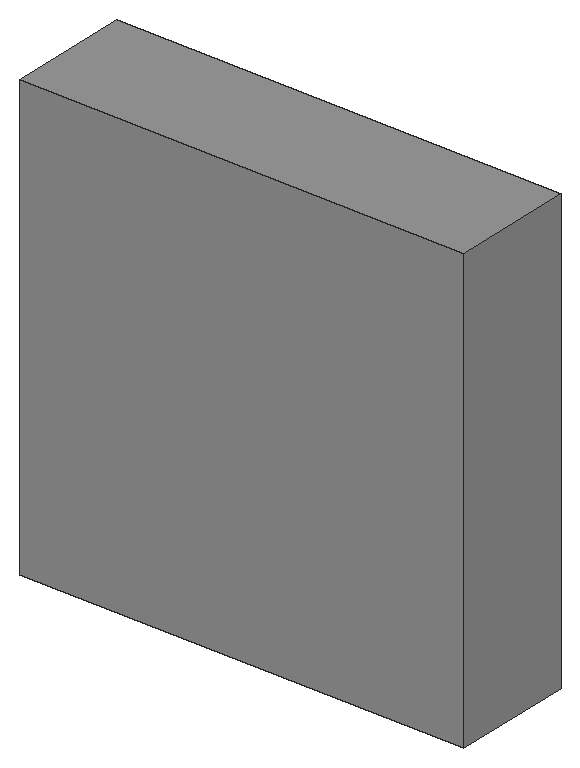
Revit family "SHG_Tuersprechstelle_V1700", category Sicherheitsgeräte, Revit 2017
Family settings
  Beschriftungsausrichtung beibehalten = Nein
  Bemaßung runder Anschluss = Durchmesser verwenden
  Teiletyp = Normal
  OmniClass-Nummer = 23.85.30.11
  OmniClass-Titel = Access Controls
  Arbeitsebenenbasiert = Nein
  Immer vertikal = Ja
  Beim Laden mit Abzugskörper schneiden = Ja
  Gemeinsam genutzt = Nein
  Raumberechnungspunkt = Nein
Parameters (values of type "Tuersprechstelle_Kamera_Klingel")
  pbr_Material_KZ = ""
  pbr_Material = none
  pbr_E_Typ = ""
  pbr_E_KZ = ""
  pbr_DINBild = 0
  pbr_Bild = 0
  pbr_3Dx_Delta_Korrekturversatz [instance] = 0 mm
  pbr_3DX_Versatzfaktor [instance] = 0
  pbr_2DY_Versatzfaktor [instance] = 0
  pbr_2DX_Versatzfaktor [instance] = 0
  lfd_STRK [instance] = 0
  cpiFitMatchKey [instance] = "E-ZK VS A"
  Zentrale [instance] = ""
  Türsprechstelle = yes
  Typ [instance] = ""
  Tiefe = 37 mm
  Text3 [instance] = ""
  Text2 [instance] = ""
  Text1 [instance] = ""
  Planungsbüro Rohling = "www.pbr.de"
  Netzart = ""
  Menge(Dosenzahl) [instance] = 0
  Länge = 135 mm
  Linie [instance] = ""
  Lastklassifizierung = none
  Installationsart [instance] = ""
  Info [instance] = ""
  Gewerk [instance] = "ZK"
  Eckversatz [instance] = 0 mm
  YFrontversatz [instance] = if(pbr_2DY_Versatzfaktor = 300, 0 mm, pbr_2DY_Versatzfaktor * 300 mm)  # 0 mm
  XSeitenversatz [instance] = if(pbr_2DX_Versatzfaktor = 0, 3000 mm, 3000 mm + (pbr_2DX_Versatzfaktor * 300 mm)) + Eckversatz  # 3000 mm
  X3Dversatz [instance] = if([3DX_Versatzkontrolle] = 0, 2000 mm, 2000 mm + ([3DX_Versatzkontrolle] * (300 mm - Breite))) + pbr_3Dx_Delta_Korrekturversatz  # 2000 mm
  Niveau [instance] = 1200 mm
  Bus [instance] = ""
  Breite = 135 mm
  Betriebsstrom ruhe [instance] = 0
  Betriebsstrom max [instance] = 0
  3DX_Versatzkontrolle [instance] = if(pbr_3DX_Versatzfaktor = 0, (pbr_2DX_Versatzfaktor * -1), (((-1 * pbr_3DX_Versatzfaktor) + pbr_2DX_Versatzfaktor) * -1))  # 0
  3DX_Versatz [instance] = if([3DX_Versatzkontrolle] = 0, 2000 mm, 2000 mm + ([3DX_Versatzkontrolle] * (300 mm - Breite))) + pbr_3Dx_Delta_Korrekturversatz  # 2000 mm
Reference planes
  plane 1 "Mitte (Vorne/Hinten)": y = 0
  plane 2: z = 0
  plane 3 "Mitte (Links/Rechts)": x = 22.5
  plane 4: x = -127.5
  plane 5: x = 172.5
  plane 6: y = 300
  plane 7 "Schalterhinten": y = 0
  plane 8: x = -2977.5
  plane 9: x = 22.5
  plane 10: x = -1977.5
  plane 11: x = -45
  plane 12: x = 90
  plane 13: z = 1267.5
  plane 14: z = 1132.5
  plane 15 "SchalterVorne": y = 37
  plane 16 "3DMitte": x = 22.5
  plane 17 "Achse": z = 1200
  plane 18: z = 1225
  plane 19: z = 1175
  plane 20 "2DMitte": y = 150
Forms (mm)
  Extrusion 1, solid, material "Stahl, weich, geschweißt"
    sketch origin (0, 20, 0) x (0, 0, 1) y (-1, 0, 0)
      loop
        line (1132.5, 45) -> (1132.5, -90) -> (1267.5, -90) -> (1267.5, 45) -> (1132.5, 45)
    from -17 to 20
Dimensions and locks
  locked: plane 6 to plane 7 "Schalterhinten" at 300
  "XSeitenversatz": plane 8 to plane 9
  plane 8 to plane 3 "Mitte (Links/Rechts)" = 3000 mm
  "YFrontversatz": plane 1 "Mitte (Vorne/Hinten)" to plane 7 "Schalterhinten"
  "Breite": plane 12 to plane 11
  "Länge": plane 13 to plane 14
  plane 9 to plane 10 = 2000 mm
  equal spacing: plane 12, plane 16 "3DMitte", plane 11
  equal spacing: plane 13, plane 17 "Achse", plane 14
  "Niveau": plane 17 "Achse" to level
  "Tiefe": plane 15 "SchalterVorne" to plane 1 "Mitte (Vorne/Hinten)"
  plane 13 to plane 18 = 42.5 mm
  plane 19 to plane 14 = 42.5 mm
  equal spacing: plane 4, plane 9, plane 5, locked at 150 each
  locked: plane 4 to plane 5 at 300
  equal spacing: plane 6, plane 20 "2DMitte", plane 7 "Schalterhinten", locked at 150 each
  locked: plane 9 to plane 10 at 2000
  "3DX_Versatz": plane 16 "3DMitte" to plane 10
  aligned and locked: level to plane 2
  aligned and locked: Extrusion 1 sketch curve to plane 14
  aligned and locked: Extrusion 1 sketch curve to plane 11
  aligned and locked: Extrusion 1 sketch curve to plane 13
  aligned and locked: plane 12 to Extrusion 1 sketch curve
  aligned and locked: plane 1 "Mitte (Vorne/Hinten)" to Extrusion 1
  aligned and locked: Extrusion 1 to plane 15 "SchalterVorne"
  aligned and locked: nested 1 to plane 9
  aligned and locked: nested 1 to plane 7 "Schalterhinten"
Nested families
  nested 1: "Türsprechstelle mit Kamera und Klingel" at (22.5, 0, 0), visible <- "Türsprechstelle", type "Türsprechstelle mit Kamera und Klingel"
Connectors
  electrical at (22.5, 0, 1200)
    settings: on Extrusion 1, index 1, voltage 0 V, apparent load 0 VA, apparent load phase1 0 VA, apparent load phase2 0 VA, apparent load phase3 0 VA, power factor 1, load classification "Sonstige", number of poles 1, system type 10, power factor state 1, is connector primary yes, connector utility no, sub classification motor no, connector description ""
Definition of nested family "Türsprechstelle mit Kamera und Klingel"
  Reference planes
    plane 1 "Mitte (Vorne/Hinten)": y = 0
    plane 2: z = 0
    plane 3 "Mitte (Links/Rechts)": x = 0
  Lines and regions (mm)
    detail lines, in view "Referenzebene"
      curve 1: circle (8.527, 447.386, 0) r 81.795 normal (0, 0, 1)
      curve 2: line (-141.473, 297.386, 0) -> (158.527, 297.386, 0)
      curve 3: line (158.527, 297.386, 0) -> (158.527, -2.614, 0)
      curve 4: line (158.527, -2.614, 0) -> (-141.473, -2.614, 0)
      curve 5: line (-141.473, -2.614, 0) -> (-141.473, 297.386, 0)
      curve 6: line (-141.473, 597.386, 0) -> (158.527, 597.386, 0)
      curve 7: line (158.527, 597.386, 0) -> (158.527, 297.386, 0)
      curve 8: line (158.527, 297.386, 0) -> (-141.473, 297.386, 0)
      curve 9: line (-141.473, 297.386, 0) -> (-141.473, 597.386, 0)
      curve 10: line (-82.275, 235.105, 0) -> (99.329, 235.105, 0)
      curve 11: line (-82.275, 215.105, 0) -> (99.329, 215.105, 0)
      curve 12: line (-82.275, 195.105, 0) -> (99.329, 195.105, 0)
      curve 13: line (-82.275, 175.105, 0) -> (99.329, 175.105, 0)
      curve 14: line (-82.275, 155.105, 0) -> (99.329, 155.105, 0)
      curve 15: line (-82.275, 135.105, 0) -> (99.329, 135.105, 0)
      curve 16: line (-82.275, 115.105, 0) -> (99.329, 115.105, 0)
      curve 17: line (-82.275, 95.105, 0) -> (99.329, 95.105, 0)
      curve 18: line (-82.275, 75.105, 0) -> (99.329, 75.105, 0)
      curve 19: line (-82.275, 55.105, 0) -> (99.329, 55.105, 0)
